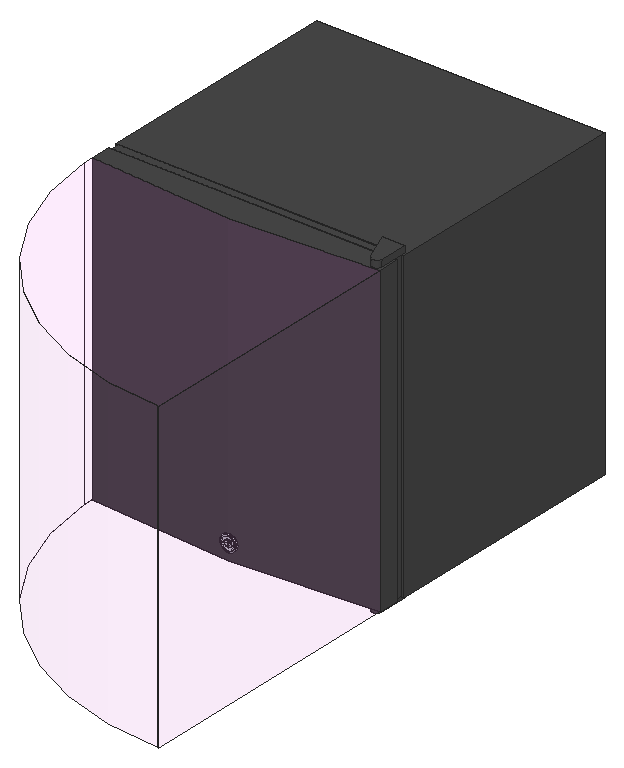
Revit family "Qf_Summit_MB41B_18 inches Wide Compact Minibar", category Specialty Equipment, Revit 2020
Family settings
  Round Connector Dimension = Use Diameter
  Part Type = Normal
  Work Plane-Based = No
  Always vertical = Yes
  Cut with Voids When Loaded = No
  Shared = No
  Room Calculation Point = No
Parameters
  Weight in Pounds = 31
  Watts = 270000 W
  Volts = 115 V
  URL Cutsheet = ""
  Specification by User = ""
  Specification by Manufacturer = ""
  Show Clearance [instance] = yes
  Serial Number = ""
  Seismic Rating = ""
  SMACNA No = ""
  Revision Code = ""
  Refrigerant Volume = 0.00 kip
  Refrigerant Type = ""
  Phase = 1
  Number of Poles = 1
  NAFEM Spec ID Number = ""
  Model = "MB41B"
  Min Ckt Ampacity = 0 A
  Max Overcurrent Protection = 0 A
  Masterspec = ""
  Manufacturer = "Summit"
  Length = 17 5/8"
  Item Number = ""
  Installed By = ""
  Identify Quantity as Lot = yes
  Height = 19 7/8"
  HP = ""
  Furnished By = ""
  Foodservice Equipment Identifier = yes
  FL Amps = 0.7 A
  Electrical Remarks = ""
  Electric Connection Type = ""
  Elec Conn RI Height = 0"
  Elec Conn Connection Height = 0"
  Description = "Compact Minibar with Reversible Door, Front lock, and Black Exterior"
  Depth = 17 3/4"
  Default Elevation = 0"
  Cycle = 60 Hz
  Conn Plug = ""
  Conn Conduit = yes
  CSI MasterFormat = ""
  BTUH = 0.0 Btu/h
  Apparent Power = if(Phase = 3, Volts * FL Amps * 1.73, Volts * FL Amps)  # 80.5 VA
Reference planes (in)
  plane 1 "BACK": y = 0
  plane 2: z = 0
  plane 3 "LEFT": x = 0
  plane 4 "RIGHT": x = 17.625
  plane 5 "FRONT": y = -17.75
  plane 6 "TOP": z = 19.875
  plane 7 "Center Y": x = 8.8125
  plane 8 "Center X": y = -8.875
  plane 9: z = 0.75
  plane 10: y = -34.125
  plane 11: y = -15.875
  plane 12: y = -15.375
  plane 13: z = 19.5
  plane 14: z = 18.51485
  plane 15: z = 16.76485
Forms (in)
  Extrusion 1, solid, material "QF_Plastic_Epoxy_Black"
    sketch origin (0, 0, 0) x (1, 0, 0) y (0, 1, 0)
      loop
        line (0, 0) -> (0, -15.375) -> (17.625, -15.375) -> (17.625, 0) -> (0, 0)
    from 0.75 to 19.5
  Extrusion 2, solid, material "QF_Plastic_Epoxy_Black"
    sketch origin (0, 0, 0) x (1, 0, 0) y (0, 1, 0)
      loop
        line (0, -15.875) -> (0, -17.13425)
        arc (0, -17.13425) -> (8.8125, -17.75) -> (17.625, -17.13425) r 63.36965
        line (17.625, -17.13425) -> (17.625, -15.875) -> (0, -15.875)
    from 0.75 to 19.5
  Extrusion 3, solid, material "QF_Plastic_Epoxy_Black"
    sketch origin (0.06445, 0, 19.5) x (1, 0, 0) y (0, 1, 0)
      loop
        line (17.36229, -16.79133) -> (17.36229, -15.06633) -> (16.02651, -15.06633) -> (16.74884, -16.86335)
        arc (16.74884, -16.86335) -> (17.08759, -17.10016) -> (17.36229, -16.79133) r 0.31095
    from 0 to 0.375
  Extrusion 4, solid, material "QF_Plastic_Epoxy_Black"
    sketch origin (0, 0, 19.5) x (1, 0, 0) y (0, 1, 0)
      loop
        line (0.17186, -15.875) -> (17.42674, -15.875) -> (17.42674, -15.375) -> (0.17186, -15.375) -> (0.17186, -15.875)
    from 0 to -18.75
  Revolve 5, solid, material "QF_Plastic_Epoxy_Black"
    sketch origin (0, -14.25, 0) x (0, 0, 1) y (-1, 0, 0)
      loop
        line (0.75, -0.82586) -> (0.05, -0.87481)
        arc (0.05, -0.87481) -> (0.01444, -0.89177) -> (0, -0.92843) r 0.05375
        line (0, -0.92843) -> (0, -1.25) -> (0.75, -1.25) -> (0.75, -0.82586)
      axis (0, -1.25) -> (0.75, -1.25)
    angle from 0 to 360
  Revolve 6, solid
    sketch origin (0, -0.07031, 1.75) x (1, 0, 0) y (0, 1, 0)
      loop
        line (8.8125, -17.75) -> (8.98497, -17.75) -> (9.01042, -17.72455) -> (9.0541, -17.72455)
        arc (9.0541, -17.72455) -> (9.12737, -17.73334) -> (9.20051, -17.74318) r 5.12438
        line (9.20051, -17.74318) -> (9.24862, -17.75) -> (9.2879, -17.75)
        arc (9.2879, -17.75) -> (9.3053, -17.7428) -> (9.3125, -17.7254) r 0.0246
        line (9.3125, -17.7254) -> (9.3125, -17.41733) -> (8.8125, -17.41733) -> (8.8125, -17.75)
      axis (8.8125, -17.75) -> (8.8125, -17.41733)
    angle from 0 to 360
  Extrusion 7, void
    sketch origin (8.8125, -17.82031, 1.75) x (0, 0, 1) y (1, 0, 0)
      loop
        line (0.15964, -0.02657) -> (0.15964, 0.02539) -> (-0.1559, 0.02539) -> (-0.1559, -0.02657) -> (0.15964, -0.02657)
    from -0.02604 to 0.08679
  Extrusion 8, solid
    sketch origin (0, 0, 0) x (1, 0, 0) y (0, 0, -1)
      loop
        circle (15.53125, -1.75) r 0.25
    from 0 to 0.22395
  Revolve 9, solid, material "QF_Plastic_Epoxy_Black"
    sketch origin (15.875, -14.25, 0) x (0, 0, 1) y (-1, 0, 0)
      loop
        line (0.75, 0.82586) -> (0.75, 1.25) -> (0, 1.25) -> (0, 0.92843)
        arc (0, 0.92843) -> (0.01444, 0.89177) -> (0.05, 0.87481) r 0.05375
        line (0.05, 0.87481) -> (0.75, 0.82586)
      axis (0, 1.25) -> (0.75, 1.25)
    angle from 0 to 360
  Revolve 10, solid, material "QF_Plastic_Epoxy_Black"
    sketch origin (0, -1.25, 0) x (0, 0, 1) y (-1, 0, 0)
      loop
        line (0.75, -0.82586) -> (0.05, -0.87481)
        arc (0.05, -0.87481) -> (0.01444, -0.89177) -> (0, -0.92843) r 0.05375
        line (0, -0.92843) -> (0, -1.25) -> (0.75, -1.25) -> (0.75, -0.82586)
      axis (0, -1.25) -> (0.75, -1.25)
    angle from 0 to 360
  Revolve 11, solid, material "QF_Plastic_Epoxy_Black"
    sketch origin (15.875, -1.25, 0) x (0, 0, 1) y (-1, 0, 0)
      loop
        line (0.75, 0.82586) -> (0.75, 1.25) -> (0, 1.25) -> (0, 0.92843)
        arc (0, 0.92843) -> (0.01444, 0.89177) -> (0.05, 0.87481) r 0.05375
        line (0.05, 0.87481) -> (0.75, 0.82586)
      axis (0, 1.25) -> (0.75, 1.25)
    angle from 0 to 360
  Extrusion 12, solid, material "QF_Clearances_Door_Drawer"
    sketch origin (0, 0, 19.5) x (1, 0, 0) y (0, 1, 0)
      loop
        arc (0, -17.75) -> (5.56793, -29.39713) -> (17.58062, -34.125) r 17.625
        line (17.58062, -34.125) -> (17.625, -34.125) -> (17.625, -17.13425)
        arc (17.625, -17.13425) -> (8.8125, -17.75) -> (0, -17.13425) r 63.36965
        line (0, -17.13425) -> (0, -17.75)
    from -18.75 to 0
  Extrusion 13, solid, material "QF_Plastic_Epoxy_Black"
    sketch origin (0.06445, 0, 0.5594) x (1, 0, 0) y (0, 1, 0)
      loop
        line (17.36229, -16.79133) -> (17.36229, -15.06633) -> (16.02651, -15.06633) -> (16.74884, -16.86335)
        arc (16.74884, -16.86335) -> (17.08759, -17.10016) -> (17.36229, -16.79133) r 0.31095
    from 0 to 0.1906
Cuts and joins
  Extrusion 7 cuts Extrusion 4
  Extrusion 7 cuts Revolve 6
Lines and regions (in)
  symbolic lines
    curve 1: line (0, 0, 19.5) -> (0, -15.875, 19.5)
    curve 2: line (0, -15.875, 19.5) -> (16.41533, -15.875, 19.5)
    curve 3: line (17.625, -15.875, 19.5) -> (17.625, 0, 19.5)
    curve 4: line (17.625, 0, 19.5) -> (0, 0, 19.5)
    curve 5: line (17.42674, -16.78664, 19.5) -> (17.42674, -15.06643, 19.5)
    curve 6: line (17.42674, -15.06643, 19.5) -> (16.0922, -15.06643, 19.5)
    curve 7: line (16.0922, -15.06643, 19.5) -> (16.83771, -16.93195, 19.5)
    curve 8: arc (16.83771, -16.93195, 19.5) -> (17.18913, -17.08999, 19.5) -> (17.42674, -16.78664, 19.5) r 0.31244
    curve 9: line (0, -15.875, 19.5) -> (0, -15.75937, 19.5)
    curve 10: line (17.625, -15.75848, 19.5) -> (17.625, -15.875, 19.5)
    curve 11: line (17.42674, -15.875, 19.5) -> (17.625, -15.875, 19.5)
    curve 12: line (17.625, -15.875, 19.5) -> (17.42674, -15.875, 19.5)
    curve 13: line (0, -15.875, 19.5) -> (0, -17.13425, 19.5)
    curve 14: line (17.625, -17.13425, 19.5) -> (17.625, -15.875, 19.5)
    curve 16: line (16.41533, -15.875, 19.5) -> (0, -15.875, 19.5)
    curve 21: line (0, -15.3749, 19.5) -> (16.21547, -15.3749, 19.5)
    curve 22: line (17.42674, -15.375, 19.5) -> (17.625, -15.375, 19.5)
  symbolic lines, style "QF_Clearances_Door_Drawer"
    curve 15: arc (0, -17.75001, 19.5) -> (0.81468, -21.93546, 19.5) -> (2.61067, -25.80278, 19.5) r 17.62501
    curve 18: line (0.17186, -15.3749, 19.5) -> (0.17186, -15.875, 19.5)
    curve 19: line (17.42674, -15.875, 19.5) -> (17.42674, -15.375, 19.5)
    curve 20: line (0, -17.75001, 19.5) -> (0, -17.13425, 19.5)
    curve 23: line (2.61067, -25.80278, 19.5) -> (17.625, -17.13425, 19.5)
  symbolic lines, style "SpecialityEquipment"
    curve 17: arc (0, -17.13425, 19.5) -> (8.8125, -17.75, 19.5) -> (17.625, -17.13425, 19.5) r 63.36965
Dimensions and locks (in)
  equal spacing: plane 3 "LEFT", plane 7 "Center Y", plane 4 "RIGHT"
  "Length": plane 3 "LEFT" to plane 4 "RIGHT"
  equal spacing: plane 5 "FRONT", plane 8 "Center X", plane 1 "BACK"
  "Depth": plane 5 "FRONT" to plane 1 "BACK"
  "Height": plane 6 "TOP" to level
  plane 9 to level = 3/4"
  plane 1 "BACK" to plane 10 = 34 1/8"
  plane 1 "BACK" to plane 12 = 15 3/8"
  plane 4 "RIGHT" to plane 3 "LEFT" = 17 5/8"
  plane 12 to plane 11 = 1/2"
  plane 11 to plane 5 "FRONT" = 1 7/8"
  locked: plane 6 "TOP" to plane 13 at 0.375
  plane 13 to plane 9 = 18 3/4"
  plane 6 "TOP" to plane 13 = 3/8"
  aligned and locked: level to plane 2
  aligned and locked: Extrusion 1 to plane 9
  aligned and locked: Extrusion 2 to plane 9
  aligned and locked: cut or joined group of Extrusion 4, Extrusion 7 to plane 12
  aligned and locked: plane 11 to Extrusion 4
  aligned and locked: Extrusion 1 to plane 12
  aligned and locked: plane 11 to curve 12
  aligned and locked: Extrusion 2 to curve 16
  aligned and locked: Extrusion 12 to plane 9
  aligned and locked: plane 13 to Extrusion 2
  aligned and locked: plane 13 to Extrusion 1
  aligned and locked: plane 13 to Extrusion 12
  aligned and locked: plane 6 "TOP" to Extrusion 3
  aligned and locked: cut or joined group of Extrusion 4, Extrusion 7 to plane 9
Automatic sketch dimensions
  Extrusion 1 sketch curve to plane 3 "LEFT" = 0"
  Extrusion 1 sketch curve to plane 4 "RIGHT" = 0"
  Extrusion 1 sketch curve to plane 12 = 0"
  plane 1 "BACK" to Extrusion 1 sketch curve = 0"
  Extrusion 2 sketch curve to plane 3 "LEFT" = 0"
  Extrusion 2 sketch curve to plane 7 "Center Y" = 0"
  Extrusion 2 sketch curve to plane 4 "RIGHT" = 0"
  Extrusion 2 sketch curve to plane 11 = 0"
  Extrusion 2 sketch curve to plane 5 "FRONT" = 0.61575"
  Extrusion 2 sketch curve to plane 1 "BACK" = 45.61965"
  Extrusion 3 sketch curve to Extrusion 2 = 1.53404"
  Extrusion 3 sketch curve to Extrusion 2 = 0.81171"
  Extrusion 3 sketch curve to Extrusion 3 sketch curve = 0.3025"
  Extrusion 3 sketch curve to Extrusion 2 = 0.19826"
  Extrusion 3 sketch curve to Extrusion 2 = 0.98835"
  Extrusion 2 to Extrusion 3 sketch curve = 0.80867"
  Extrusion 4 sketch curve to Extrusion 2 = 0"
  Extrusion 4 sketch curve to Extrusion 2 = 11/64"
  Extrusion 4 sketch curve to Extrusion 2 = 0.19826"
  Extrusion 2 to Extrusion 4 sketch curve = 1/2"
  Revolve 5 sketch curve to level = 0"
  Revolve 5 sketch curve to plane 9 = 0"  (x2)
  level to Revolve 5 sketch curve = 0.05"
  Revolve 5 sketch curve to Revolve 5 sketch curve = 0.00375"
  plane 3 "LEFT" to Revolve 5 sketch curve = 1 1/4"
  Revolve 5 sketch curve to Revolve 5 sketch curve = 0.32157"
  Revolve 5 sketch curve to Revolve 5 sketch curve = 0.42414"
  plane 9 to Revolve 5 sketch curve = 3/4"
  Revolve 5 sketch curve to Revolve 5 sketch curve = 0"
  Revolve 6 sketch curve to plane 7 "Center Y" = 0"  (x2)
  Revolve 6 sketch curve to plane 7 "Center Y" = 0.3317"
  plane 5 "FRONT" to Revolve 6 sketch curve = 9/128"  (x2)
  Revolve 6 sketch curve to Revolve 6 sketch curve = 0.17247"
  Revolve 6 sketch curve to Revolve 6 sketch curve = 0.02545"
  Revolve 6 sketch curve to Revolve 6 sketch curve = 0.04368"
  plane 5 "FRONT" to Revolve 6 sketch curve = 0.06349"
  Revolve 6 sketch curve to Revolve 6 sketch curve = 0.14641"
  Revolve 6 sketch curve to Revolve 6 sketch curve = 0.04811"
  Revolve 6 sketch curve to Revolve 6 sketch curve = 0.03929"
  Revolve 6 sketch curve to Revolve 6 sketch curve = 0.0246"
  Revolve 6 sketch curve to Revolve 6 sketch curve = 5.06676"
  Revolve 6 sketch curve to plane 5 "FRONT" = 0.26235"
  Revolve 6 sketch curve to plane 5 "FRONT" = 0.07934"
  Revolve 6 sketch curve to Revolve 6 sketch curve = 0.03257"
  Revolve 6 to Extrusion 7 sketch curve = 0.1559"
  Extrusion 7 sketch curve to Revolve 6 = 0.15964"
  Extrusion 7 sketch curve to Extrusion 7 sketch curve = 0.05196"
  Extrusion 1 to Extrusion 8 sketch curve = 1"
  Extrusion 8 sketch curve to Extrusion 1 = 2 3/32"
  Revolve 9 sketch curve to level = 0"
  Revolve 9 sketch curve to plane 9 = 0"  (x2)
  level to Revolve 9 sketch curve = 0.05"
  Revolve 9 sketch curve to Revolve 9 sketch curve = 0.00375"
  plane 4 "RIGHT" to Revolve 9 sketch curve = 2.57586"
  Revolve 9 sketch curve to Revolve 9 sketch curve = 0.04895"
  Revolve 9 sketch curve to Revolve 9 sketch curve = 0.32157"
  plane 9 to Revolve 9 sketch curve = 3/4"
  Revolve 9 sketch curve to Revolve 9 sketch curve = 0"
  Revolve 10 sketch curve to level = 0"
  Revolve 10 sketch curve to plane 9 = 0"  (x2)
  level to Revolve 10 sketch curve = 0.05"
  Revolve 10 sketch curve to Revolve 10 sketch curve = 0.00375"
  plane 3 "LEFT" to Revolve 10 sketch curve = 1 1/4"
  Revolve 10 sketch curve to Revolve 10 sketch curve = 0.32157"
  Revolve 10 sketch curve to Revolve 10 sketch curve = 0.42414"
  Revolve 10 sketch curve to Revolve 10 sketch curve = 3/4"
  Revolve 10 sketch curve to Revolve 10 sketch curve = 0"
  Revolve 11 sketch curve to level = 0"
  Revolve 11 sketch curve to plane 9 = 0"  (x2)
  level to Revolve 11 sketch curve = 0.05"
  Revolve 11 sketch curve to Revolve 11 sketch curve = 0.00375"
  plane 4 "RIGHT" to Revolve 11 sketch curve = 2.57586"
  Revolve 11 sketch curve to Revolve 11 sketch curve = 0.04895"
  Revolve 11 sketch curve to Revolve 11 sketch curve = 0.32157"
  Revolve 11 sketch curve to Revolve 11 sketch curve = 3/4"
  Revolve 11 sketch curve to Revolve 11 sketch curve = 0"
  Extrusion 12 sketch curve to Extrusion 2 = 0"  (x2)
  Extrusion 12 sketch curve to Extrusion 2 = 0.04438"
  Extrusion 12 sketch curve to Extrusion 12 sketch curve = 0.61575"
  Extrusion 12 sketch curve to Extrusion 12 sketch curve = 16.99075"
  plane 12 to Extrusion 13 sketch curve = 0.30867"
  plane 4 "RIGHT" to Extrusion 13 sketch curve = 1.53404"
  plane 4 "RIGHT" to Extrusion 13 sketch curve = 0.81171"
  Extrusion 13 sketch curve to Extrusion 13 sketch curve = 0.3025"
  plane 4 "RIGHT" to Extrusion 13 sketch curve = 0.19826"
  Extrusion 13 sketch curve to plane 11 = 0.91633"
  Extrusion 2 to curve 9 = 0"
  curve 7 to Extrusion 2 = 1.5328"
  curve 7 to Extrusion 2 = 0.78729"
  curve 7 to curve 8 = 0.27659"
  curve 6 to Extrusion 2 = 0.19826"
  curve 19 to Extrusion 2 = 0.19826"
  curve 15 to Extrusion 2 = 0.04437"
  Extrusion 2 to curve 12 = 0"
  curve 20 to curve 13 = 0.61576"
  curve 14 to curve 7 = 0.2023"
  curve 5 to curve 15 = 0.28662"
  curve 19 to curve 22 = 1/2"
  Extrusion 2 to curve 6 = 0.80857"
  Extrusion 2 to curve 4 = 15 7/8"
  curve 18 to Extrusion 2 = 11/64"
  curve 23 to Extrusion 2 = 2.61067"
  curve 6 to curve 21 = 0.12327"
  Extrusion 2 to curve 9 = 0.11563"
  curve 3 to curve 10 = 0.11652"
  radius of Extrusion 8 sketch curve = 1/4"
  radius of Extrusion 12 sketch curve to Extrusion 2 = 0"
  radius of Extrusion 2 to curve 17 = 0"
Connectors (in)
  electrical at (15.53125, 0.22395, 1.75), driven by "Volts", driven by "Apparent Power"
    settings: on Extrusion 8, index 1, voltage 115 V, apparent load 80.5 VA, apparent load phase1 0 VA, apparent load phase2 0 VA, apparent load phase3 0 VA, power factor 1, load classification "Other", number of poles 1, system type 30, power factor state 1, is connector primary yes, connector utility no, sub classification motor no, connector description "Electrical Inlet"
